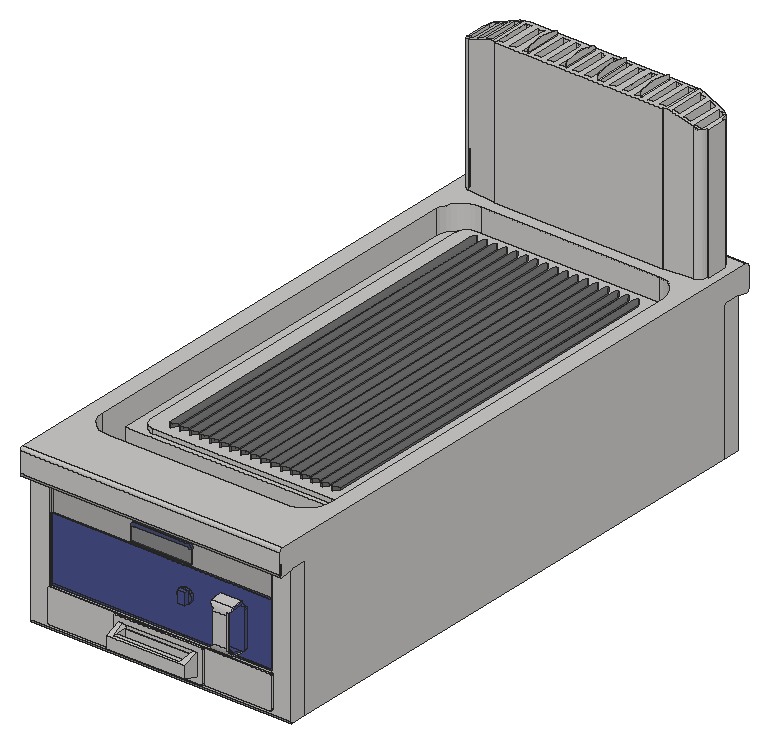
Revit family "QF_ELECTROLUXPROFESSIONAL_593320_MCHMAAHOVO", category Specialty Equipment, Revit 2018 (continued)
Definition of nested family "GG_900_400 mm Full Grate"
  Lines and regions (mm)
    symbolic lines
      curve 2: line (-124.5, 295.767, 0) -> (-118, 286.484, 0)
      curve 3: line (-118, -286.484, 0) -> (-118, 286.484, 0)
      curve 4: line (-131, 286.484, 0) -> (-131, -286.484, 0)
      curve 5: line (-124.5, -295.767, 0) -> (-131, -286.484, 0)
      curve 6: line (-118, -286.484, 0) -> (-124.5, -295.767, 0)
      curve 7: line (136.85, 310.212, 0) -> (-136.85, 310.212, 0)
      curve 8: arc (-136.85, 310.212, 0) -> (-149.684, 304.896, 0) -> (-155, 292.062, 0) r 18.15
      curve 9: line (-155, 292.062, 0) -> (-155, -293.212, 0)
      curve 10: arc (-155, -293.212, 0) -> (-150.021, -305.233, 0) -> (-138, -310.212, 0) r 17
      curve 11: line (-138, -310.212, 0) -> (136.85, -310.212, 0)
      curve 12: arc (136.85, -310.212, 0) -> (149.684, -304.896, 0) -> (155, -292.062, 0) r 18.15
      curve 13: line (155, -292.062, 0) -> (155, 292.062, 0)
      curve 14: arc (155, 292.062, 0) -> (149.684, 304.896, 0) -> (136.85, 310.212, 0) r 18.15
      curve 15: line (118, 286.484, 0) -> (124.5, 295.767, 0)
      curve 16: line (124.5, 295.767, 0) -> (131, 286.484, 0)
      curve 17: line (131, -286.484, 0) -> (131, 286.484, 0)
      curve 18: line (118, 286.484, 0) -> (118, -286.484, 0)
      curve 19: line (124.5, -295.767, 0) -> (118, -286.484, 0)
      curve 20: line (131, -286.484, 0) -> (124.5, -295.767, 0)
      curve 21: line (-115.438, 286.484, 0) -> (-108.938, 295.767, 0)
      curve 22: line (-108.938, 295.767, 0) -> (-102.438, 286.484, 0)
      curve 23: line (-102.438, -286.484, 0) -> (-102.438, 286.484, 0)
      curve 24: line (-115.438, 286.484, 0) -> (-115.438, -286.484, 0)
      curve 25: line (-108.938, -295.767, 0) -> (-115.438, -286.484, 0)
      curve 26: line (-102.438, -286.484, 0) -> (-108.938, -295.767, 0)
      curve 27: line (-99.875, 286.484, 0) -> (-93.375, 295.767, 0)
      curve 28: line (-93.375, 295.767, 0) -> (-86.875, 286.484, 0)
      curve 29: line (-86.875, -286.484, 0) -> (-86.875, 286.484, 0)
      curve 30: line (-99.875, 286.484, 0) -> (-99.875, -286.484, 0)
      curve 31: line (-93.375, -295.767, 0) -> (-99.875, -286.484, 0)
      curve 32: line (-86.875, -286.484, 0) -> (-93.375, -295.767, 0)
      curve 33: line (-84.313, 286.484, 0) -> (-77.813, 295.767, 0)
      curve 34: line (-77.813, 295.767, 0) -> (-71.313, 286.484, 0)
      curve 35: line (-71.313, -286.484, 0) -> (-71.313, 286.484, 0)
      curve 36: line (-84.313, 286.484, 0) -> (-84.313, -286.484, 0)
      curve 37: line (-77.813, -295.767, 0) -> (-84.313, -286.484, 0)
      curve 38: line (-71.313, -286.484, 0) -> (-77.813, -295.767, 0)
      curve 39: line (-68.75, 286.484, 0) -> (-62.25, 295.767, 0)
      curve 40: line (-62.25, 295.767, 0) -> (-55.75, 286.484, 0)
      curve 41: line (-55.75, -286.484, 0) -> (-55.75, 286.484, 0)
      curve 42: line (-68.75, 286.484, 0) -> (-68.75, -286.484, 0)
      curve 43: line (-62.25, -295.767, 0) -> (-68.75, -286.484, 0)
      curve 44: line (-55.75, -286.484, 0) -> (-62.25, -295.767, 0)
      curve 45: line (-53.188, 286.484, 0) -> (-46.688, 295.767, 0)
      curve 46: line (-46.688, 295.767, 0) -> (-40.188, 286.484, 0)
      curve 47: line (-40.188, -286.484, 0) -> (-40.188, 286.484, 0)
      curve 48: line (-53.188, 286.484, 0) -> (-53.188, -286.484, 0)
      curve 49: line (-46.688, -295.767, 0) -> (-53.188, -286.484, 0)
      curve 50: line (-40.188, -286.484, 0) -> (-46.688, -295.767, 0)
      curve 51: line (-37.625, 286.484, 0) -> (-31.125, 295.767, 0)
      curve 52: line (-31.125, 295.767, 0) -> (-24.625, 286.484, 0)
      curve 53: line (-24.625, -286.484, 0) -> (-24.625, 286.484, 0)
      curve 54: line (-37.625, 286.484, 0) -> (-37.625, -286.484, 0)
      curve 55: line (-31.125, -295.767, 0) -> (-37.625, -286.484, 0)
      curve 56: line (-24.625, -286.484, 0) -> (-31.125, -295.767, 0)
      curve 57: line (-22.063, 286.484, 0) -> (-15.563, 295.767, 0)
      curve 58: line (-15.563, 295.767, 0) -> (-9.063, 286.484, 0)
      curve 59: line (-9.063, -286.484, 0) -> (-9.063, 286.484, 0)
      curve 60: line (-22.063, 286.484, 0) -> (-22.063, -286.484, 0)
      curve 61: line (-15.563, -295.767, 0) -> (-22.063, -286.484, 0)
      curve 62: line (-9.063, -286.484, 0) -> (-15.563, -295.767, 0)
      curve 63: line (-6.5, 286.484, 0) -> (0, 295.767, 0)
      curve 64: line (0, 295.767, 0) -> (6.5, 286.484, 0)
      curve 65: line (6.5, -286.484, 0) -> (6.5, 286.484, 0)
      curve 66: line (-6.5, 286.484, 0) -> (-6.5, -286.484, 0)
      curve 67: line (0, -295.767, 0) -> (-6.5, -286.484, 0)
      curve 68: line (6.5, -286.484, 0) -> (0, -295.767, 0)
      curve 69: line (9.062, 286.484, 0) -> (15.562, 295.767, 0)
      curve 70: line (15.562, 295.767, 0) -> (22.062, 286.484, 0)
      curve 71: line (22.062, -286.484, 0) -> (22.062, 286.484, 0)
      curve 72: line (9.062, 286.484, 0) -> (9.062, -286.484, 0)
      curve 73: line (15.562, -295.767, 0) -> (9.062, -286.484, 0)
      curve 74: line (22.062, -286.484, 0) -> (15.562, -295.767, 0)
      curve 75: line (24.625, 286.484, 0) -> (31.125, 295.767, 0)
      curve 76: line (31.125, 295.767, 0) -> (37.625, 286.484, 0)
      curve 77: line (37.625, -286.484, 0) -> (37.625, 286.484, 0)
      curve 78: line (24.625, 286.484, 0) -> (24.625, -286.484, 0)
      curve 79: line (31.125, -295.767, 0) -> (24.625, -286.484, 0)
      curve 80: line (37.625, -286.484, 0) -> (31.125, -295.767, 0)
      curve 81: line (40.187, 286.484, 0) -> (46.687, 295.767, 0)
      curve 82: line (46.687, 295.767, 0) -> (53.188, 286.484, 0)
      curve 83: line (53.188, -286.484, 0) -> (53.188, 286.484, 0)
      curve 84: line (40.187, 286.484, 0) -> (40.187, -286.484, 0)
      curve 85: line (46.687, -295.767, 0) -> (40.187, -286.484, 0)
      curve 86: line (53.188, -286.484, 0) -> (46.687, -295.767, 0)
      curve 87: line (55.75, 286.484, 0) -> (62.25, 295.767, 0)
      curve 88: line (62.25, 295.767, 0) -> (68.75, 286.484, 0)
      curve 89: line (68.75, -286.484, 0) -> (68.75, 286.484, 0)
      curve 90: line (55.75, 286.484, 0) -> (55.75, -286.484, 0)
      curve 91: line (62.25, -295.767, 0) -> (55.75, -286.484, 0)
      curve 92: line (68.75, -286.484, 0) -> (62.25, -295.767, 0)
      curve 93: line (71.312, 286.484, 0) -> (77.812, 295.767, 0)
      curve 94: line (77.812, 295.767, 0) -> (84.313, 286.484, 0)
      curve 95: line (84.313, -286.484, 0) -> (84.313, 286.484, 0)
      curve 96: line (71.312, 286.484, 0) -> (71.312, -286.484, 0)
      curve 97: line (77.812, -295.767, 0) -> (71.312, -286.484, 0)
      curve 98: line (84.313, -286.484, 0) -> (77.812, -295.767, 0)
      curve 99: line (86.875, 286.484, 0) -> (93.375, 295.767, 0)
      curve 100: line (93.375, 295.767, 0) -> (99.875, 286.484, 0)
      curve 101: line (99.875, -286.484, 0) -> (99.875, 286.484, 0)
      curve 102: line (86.875, 286.484, 0) -> (86.875, -286.484, 0)
      curve 103: line (93.375, -295.767, 0) -> (86.875, -286.484, 0)
      curve 104: line (99.875, -286.484, 0) -> (93.375, -295.767, 0)
      curve 105: line (102.438, 286.484, 0) -> (108.938, 295.767, 0)
      curve 106: line (108.938, 295.767, 0) -> (115.438, 286.484, 0)
      curve 107: line (115.438, -286.484, 0) -> (115.438, 286.484, 0)
      curve 108: line (102.438, 286.484, 0) -> (102.438, -286.484, 0)
      curve 109: line (108.938, -295.767, 0) -> (102.438, -286.484, 0)
      curve 110: line (115.438, -286.484, 0) -> (108.938, -295.767, 0)
  Dimensions and locks
    plane 3 to level = 900 mm
    plane 3 to plane 4 = 12 mm
    plane 5 to plane 6 = 310 mm
    aligned and locked: Extrusion 1 to nested 1
  Nested families
    nested 1: "Grate for Griddle" at (-124.5, 0, 11.99), type "Grate for Griddle"
    nested 2: "Grate for Griddle" at (124.5, 0, 11.99), type "Grate for Griddle"
    nested 3: "Grate for Griddle" at (-108.938, 0, 11.99), type "Grate for Griddle"
    nested 4: "Grate for Griddle" at (-93.375, 0, 11.99), type "Grate for Griddle"
    nested 5: "Grate for Griddle" at (-77.813, 0, 11.99), type "Grate for Griddle"
    nested 6: "Grate for Griddle" at (-62.25, 0, 11.99), type "Grate for Griddle"
    nested 7: "Grate for Griddle" at (-46.688, 0, 11.99), type "Grate for Griddle"
    nested 8: "Grate for Griddle" at (-31.125, 0, 11.99), type "Grate for Griddle"
    nested 9: "Grate for Griddle" at (-15.563, 0, 11.99), type "Grate for Griddle"
    nested 10: "Grate for Griddle" at (0, 0, 11.99), type "Grate for Griddle"
    nested 11: "Grate for Griddle" at (15.562, 0, 11.99), type "Grate for Griddle"
    nested 12: "Grate for Griddle" at (31.125, 0, 11.99), type "Grate for Griddle"
    nested 13: "Grate for Griddle" at (46.687, 0, 11.99), type "Grate for Griddle"
    nested 14: "Grate for Griddle" at (62.25, 0, 11.99), type "Grate for Griddle"
    nested 15: "Grate for Griddle" at (77.812, 0, 11.99), type "Grate for Griddle"
    nested 16: "Grate for Griddle" at (93.375, 0, 11.99), type "Grate for Griddle"
    nested 17: "Grate for Griddle" at (108.938, 0, 11.99), type "Grate for Griddle"
  Definition of nested family "Grate for Griddle"
    Reference planes
      plane 1 "Center (Front/Back)": y = 0
      plane 2: z = 0
      plane 3 "Center (Left/Right)": x = 0
      plane 4: x = -5.214
      plane 5: x = 7.786
      plane 6: y = 294
      plane 7: y = -294
    Forms (mm)
      Extrusion 1, solid
        sketch origin (1322.686, 294, -6.066) x (1, 0, 0) y (0, 0, 1)
          loop
            line (-1316.186, 888.55) -> (-1316.186, 890.55)
            arc (-1316.186, 890.55) -> (-1322.686, 894.177) -> (-1329.186, 890.55) r 7.638
            line (-1329.186, 890.55) -> (-1329.186, 888.55) -> (-1316.186, 888.55)
        from 0 to 588
      Extrusion 2, void
        sketch origin (0, 0, 0) x (1, 0, 0) y (0, 1, 0)
          loop
            line (-1.237, 294) -> (-6.5, 294) -> (-6.5, 286.484) -> (-1.237, 294)
          loop
            line (1.237, 294) -> (6.5, 286.484) -> (6.5, 294) -> (1.237, 294)
          loop
            line (-1.237, -294) -> (-6.5, -286.484) -> (-6.5, -294) -> (-1.237, -294)
          loop
            line (1.237, -294) -> (6.5, -294) -> (6.5, -286.484) -> (1.237, -294)
        from 878.991 to 892.372
    Cuts and joins
      Extrusion 2 cuts Extrusion 1
    Lines and regions (mm)
      symbolic lines
        curve 1: line (6.5, -286.484, 0) -> (6.5, 286.484, 0)
        curve 2: line (6.5, -286.484, 0) -> (1.237, -294, 0)
        curve 3: line (-1.237, -294, 0) -> (-6.5, -286.484, 0)
        curve 4: line (-6.5, 286.484, 0) -> (-6.5, -286.484, 0)
        curve 5: line (-6.5, 286.484, 0) -> (-1.237, 294, 0)
        curve 6: line (1.237, 294, 0) -> (6.5, 286.484, 0)
    Dimensions and locks
      plane 6 to plane 7 = 588 mm
      aligned and locked: Extrusion 1 to plane 7
      aligned and locked: plane 6 to Extrusion 1
      aligned and locked: curve 1 to cut or joined group of Extrusion 1, Extrusion 2
      aligned and locked: curve 2 to cut or joined group of Extrusion 1, Extrusion 2
      aligned and locked: curve 3 to cut or joined group of Extrusion 1, Extrusion 2
      aligned and locked: curve 4 to cut or joined group of Extrusion 1, Extrusion 2
      aligned and locked: curve 5 to cut or joined group of Extrusion 1, Extrusion 2
      aligned and locked: curve 6 to cut or joined group of Extrusion 1, Extrusion 2
